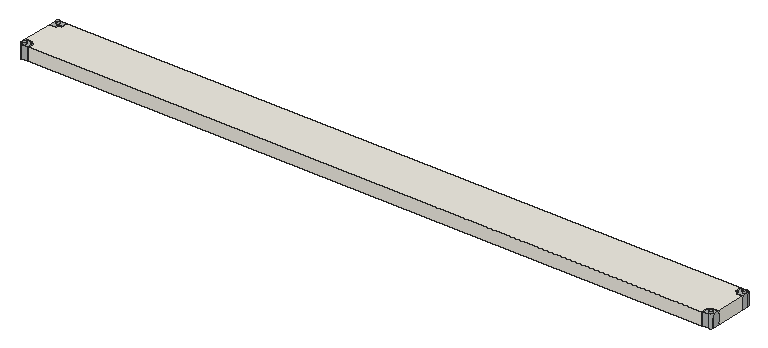
Revit family "HIGHTECH", category Осветительные приборы, Revit 2019 (continued)
Types (32, lengths in mm): name | Файл фотометрической сетки | built-in parameter 1150105 | Lumens | built-in parameter 1150106 | built-in parameter 1150142 | Wattage | Emit from Rectangle Width | Emit from Rectangle Length | Длина | Ширина | ADSK_Ток | ADSK_Полная мощность | ADSK_Обозначение | ADSK_Номинальная мощность | ADSK_Наименование | ADSK_Масса | ADSK_Код изделия
     0.493 0.493 0.395 0.395 0.395 0.395 0.395 0.395 0.395 0.395 0.296 0.296 0.296 0.296 0.296 0.296 0.296 0.296 0.197 \r\n0.197 0.197 0.197 0.197 0.197 0.197 0.197 0.098 0.098 0.098 0.098 0.098 0.098 0.098 0.098 0.000 0.000 0.000 0.000 \r\n1417.637 1417.341 1414.085 1408.658 1400.568 1390.010 1377.085 1361.002 1342.947 1322.522 1300.026 1275.261 1248.621 1220.205 1189.817 1157.849 1124.598 1089.670 \r\n1053.460 1016.065 977.881 938.119 898.060 856.917 815.575 773.149 730.722 687.901 644.390 600.877 557.168 513.262 470.046 426.534 383.121 340.497 298.761 257.814 218.151 179.473 \r\n140.501 105.672 72.816 41.835 13.714 0.592 0.592 0.493 0.493 0.493 0.493 0.493 0.493 0.493 0.493 0.395 0.395 0.395 0.395 0.395 0.395 0.395 0.395 0.296 0.296 0.296 0.296 0.296 0.296 0.296 0.296 0.197 \r\n0.197 0.197 0.197 0.197 0.197 0.197 0.197 0.098 0.098 0.098 0.098 0.098 0.098 0.098 0.098 0.000 0.000 0.000 0.000 \r\n1417.637 1417.439 1414.183 1408.855 1400.765 1390.306 1377.381 1361.397 1343.341 1323.015 1300.520 1275.656 1249.114 1220.699 1190.408 1158.440 1125.190 1090.262 \r\n1054.151 1016.755 978.473 938.809 898.750 857.607 816.266 773.839 731.413 688.592 645.080 601.469 557.859 513.854 470.638 427.126 383.615 340.990 299.254 258.209 218.546 179.770 \r\n140.896 105.967 73.013 42.031 13.912 0.592 0.592 0.493 0.493 0.493 0.493 0.493 0.493 0.493 0.493 0.395 0.395 0.395 0.395 0.395 0.395 0.395 0.395 0.296 0.296 0.296 0.296 0.296 0.296 0.296 0.296 0.197 \r\n0.197 0.197 0.197 0.197 0.197 0.197 0.197 0.098 0.098 0.098 0.098 0.098 0.098 0.098 0.098 0.000 0.000 0.000 0.000 \r\n1417.637 1417.439 1414.282 1408.954 1400.963 1390.603 1377.677 1361.792 1343.735 1323.410 1301.014 1276.149 1249.608 1221.291 1191.000 1159.032 1125.782 1090.953 \r\n1054.841 1017.446 979.164 939.500 899.442 858.298 816.957 774.530 732.103 689.184 645.672 602.160 558.451 514.446 471.230 427.619 384.108 341.484 299.649 258.604 218.940 180.165 \r\n141.191 106.264 73.309 42.229 14.208 0.592 0.592 0.493 0.493 0.493 0.493 0.493 0.493 0.493 0.493 0.395 0.395 0.395 0.395 0.395 0.395 0.395 0.395 0.296 0.296 0.296 0.296 0.296 0.296 0.296 0.296 0.197 \r\n0.197 0.197 0.197 0.197 0.197 0.197 0.197 0.098 0.098 0.098 0.098 0.098 0.098 0.098 0.098 0.000 0.000 0.000 0.000 \r\n1417.637 1417.538 1414.380 1409.152 1401.258 1390.898 1378.072 1362.087 1344.130 1323.805 1301.408 1276.643 1250.200 1221.784 1191.593 1159.625 1126.374 1091.545 \r\n1055.433 1018.137 979.855 940.290 900.133 858.988 817.647 775.221 732.794 689.875 646.362 602.851 559.043 515.137 471.822 428.212 384.700 341.977 300.142 259.097 219.335 180.559 \r\n141.487 106.560 73.506 42.525 14.405 0.592 0.592 0.493 0.493 0.493 0.493 0.493 0.493 0.493 0.493 0.395 0.395 0.395 0.395 0.395 0.395 0.395 0.395 0.296 0.296 0.296 0.296 0.296 0.296 0.296 0.296 0.197 \r\n0.197 0.197 0.197 0.197 0.197 0.197 0.197 0.098 0.098 0.098 0.098 0.098 0.098 0.098 0.098 0.000 0.000 0.000 0.000 \r\n1417.637 1417.538 1414.480 1409.250 1401.456 1391.096 1378.367 1362.482 1344.525 1324.200 1301.902 1277.136 1250.693 1222.376 1192.184 1160.315 1127.064 1092.235 \r\n1056.124 1018.828 980.545 940.980 900.823 859.679 818.338 776.010 733.485 690.565 647.054 603.443 559.734 515.728 472.414 428.705 385.193 342.470 300.537 259.492 219.730 180.856 \r\n141.882 106.855 73.802 42.723 14.602 0.592 0.592 0.493 0.493 0.493 0.493 0.493 0.493 0.493 0.493 0.395 0.395 0.395 0.395 0.395 0.395 0.395 0.395 0.296 0.296 0.296 0.296 0.296 0.296 0.296 0.296 0.197 \r\n0.197 0.197 0.197 0.197 0.197 0.197 0.197 0.098 0.098 0.098 0.098 0.098 0.098 0.098 0.098 0.000 0.000 0.000 0.000 \r\n1417.637 1417.637 1414.578 1409.447 1401.653 1391.391 1378.663 1362.877 1344.920 1324.693 1302.395 1277.630 1251.187 1222.968 1192.678 1160.908 1127.657 1092.827 \r\n1056.814 1019.419 981.236 941.671 901.514 860.369 819.028 776.701 734.175 691.256 647.645 604.133 560.326 516.320 473.006 429.297 385.785 342.963 301.030 259.887 220.125 181.249 \r\n142.178 107.152 74.099 42.920 14.800 0.592 0.592 0.493 0.493 0.493 0.493 0.493 0.493 0.493 0.493 0.395 0.395 0.395 0.395 0.395 0.395 0.395 0.395 0.296 0.296 0.296 0.296 0.296 0.296 0.296 0.296 0.197 \r\n0.197 0.197 0.197 0.197 0.197 0.197 0.197 0.098 0.098 0.098 0.098 0.098 0.098 0.098 0.098 0.000 0.000 0.000 0.000 \r\n1417.637 1417.637 1414.677 1409.645 1401.851 1391.688 1378.960 1363.173 1345.314 1325.088 1302.790 1278.123 1251.680 1223.461 1193.269 1161.499 1128.249 1093.518 \r\n1057.406 1020.110 981.926 942.361 902.204 861.159 819.719 777.391 734.867 691.946 648.335 604.726 561.017 516.913 473.598 429.888 386.279 343.458 301.524 260.380 220.519 181.644 \r\n142.474 107.448 74.296 43.216 15.096 0.592 0.592 0.493 0.493 0.493 0.493 0.493 0.493 0.493 0.493 0.395 0.395 0.395 0.395 0.395 0.395 0.395 0.395 0.296 0.296 0.296 0.296 0.296 0.296 0.296 0.296 0.197 \r\n0.197 0.197 0.197 0.197 0.197 0.197 0.197 0.098 0.098 0.098 0.098 0.098 0.098 0.098 0.098 0.000 0.000 0.000 0.000 \r\n1417.637 1417.736 1414.775 1409.743 1402.146 1391.984 1379.355 1363.568 1345.709 1325.482 1303.283 1278.616 1252.272 1224.054 1193.862 1162.091 1128.940 1094.110 \r\n1058.097 1020.801 982.617 943.052 902.994 861.850 820.410 778.082 735.458 692.637 649.027 605.416 561.608 517.504 474.190 430.383 386.772 343.951 301.918 260.775 220.913 181.941 \r\n142.770 107.743 74.592 43.413 15.293 0.592 0.592 0.493 0.493 0.493 0.493 0.493 0.493 0.493 0.493 0.395 0.395 0.395 0.395 0.395 0.395 0.395 0.395 0.296 0.296 0.296 0.296 0.296 0.296 0.296 0.296 0.197 \r\n0.197 0.197 0.197 0.197 0.197 0.197 0.197 0.098 0.098 0.098 0.098 0.098 0.098 0.098 0.098 0.000 0.000 0.000 0.000 \r\n1417.637 1417.736 1414.874 1409.940 1402.344 1392.181 1379.650 1363.962 1346.104 1325.877 1303.776 1279.109 1252.766 1224.547 1194.454 1162.782 1129.531 1094.702 \r\n1058.788 1021.492 983.308 943.742 903.684 862.540 821.100 778.773 736.148 693.327 649.618 606.107 562.298 518.096 474.782 430.974 387.364 344.444 302.412 261.170 221.308 182.335 \r\n143.165 108.040 74.789 43.611 15.490 0.592 0.592 0.493 0.493 0.493 0.493 0.493 0.493 0.493 0.493 0.395 0.395 0.395 0.395 0.395 0.395 0.395 0.395 0.296 0.296 0.296 0.296 0.296 0.296 0.296 0.296 0.197 \r\n0.197 0.197 0.197 0.197 0.197 0.197 0.197 0.098 0.098 0.098 0.098 0.098 0.098 0.098 0.098 0.000 0.000 0.000 0.000 \r\n1417.637 1417.834 1414.973 1410.138 1402.541 1392.477 1379.946 1364.258 1346.499 1326.272 1304.171 1279.603 1253.259 1225.139 1195.045 1163.374 1130.123 1095.393 \r\n1059.478 1022.183 983.999 944.433 904.375 863.231 821.792 779.464 736.840 693.920 650.309 606.699 562.891 518.787 475.374 431.566 387.857 344.937 302.906 261.663 221.703 182.730 \r\n143.461 108.237 75.085 43.906 15.688 0.592 0.592 0.493 0.493 0.493 0.493 0.493 0.493 0.493 0.493 0.395 0.395 0.395 0.395 0.395 0.395 0.395 0.395 0.296 0.296 0.296 0.296 0.296 0.296 0.296 0.296 0.197 \r\n0.197 0.197 0.197 0.197 0.197 0.197 0.197 0.098 0.098 0.098 0.098 0.098 0.098 0.098 0.098 0.000 0.000 0.000 0.000 \r\n1417.637 1417.834 1415.071 1410.237 1402.837 1392.772 1380.243 1364.653 1346.892 1326.765 1304.664 1280.096 1253.752 1225.730 1195.638 1163.965 1130.814 1095.984 \r\n1060.071 1022.873 984.689 945.124 905.066 863.922 822.482 780.154 737.531 694.610 651.000 607.390 563.581 519.379 475.966 432.059 388.350 345.431 303.300 262.058 222.098 183.026 \r\n143.757 108.533 75.282 44.104 15.983 0.592 0.592 0.493 0.493 0.493 0.493 0.493 0.493 0.493 0.493 0.395 0.395 0.395 0.395 0.395 0.395 0.395 0.395 0.296 0.296 0.296 0.296 0.296 0.296 0.296 0.296 0.197 \r\n0.197 0.197 0.197 0.197 0.197 0.197 0.197 0.098 0.098 0.098 0.098 0.098 0.098 0.098 0.098 0.000 0.000 0.000 0.000 \r\n1417.637 1417.932 1415.170 1410.434 1403.034 1393.069 1380.636 1365.048 1347.287 1327.160 1305.157 1280.589 1254.344 1226.225 1196.230 1164.558 1131.406 1096.675 \r\n1060.761 1023.564 985.380 945.815 905.756 864.613 823.173 780.845 738.221 695.301 651.592 608.080 564.174 519.971 476.558 432.652 388.943 345.924 303.794 262.453 222.492 183.420 \r\n144.151 108.829 75.579 44.301 16.181 0.592 0.592 0.493 0.493 0.493 0.493 0.493 0.493 0.493 0.493 0.395 0.395 0.395 0.395 0.395 0.395 0.395 0.395 0.296 0.296 0.296 0.296 0.296 0.296 0.296 0.296 0.197 \r\n0.197 0.197 0.197 0.197 0.197 0.197 0.197 0.098 0.098 0.098 0.098 0.098 0.098 0.098 0.098 0.000 0.000 0.000 0.000 \r\n1417.637 1417.932 1415.268 1410.533 1403.232 1393.365 1380.933 1365.443 1347.682 1327.555 1305.552 1281.082 1254.837 1226.816 1196.821 1165.150 1131.998 1097.267 \r\n1061.452 1024.254 986.070 946.506 906.447 865.401 823.863 781.535 738.912 695.991 652.282 608.672 564.864 520.563 477.150 433.145 389.436 346.417 304.287 262.946 222.887 183.815 \r\n144.448 109.125 75.874 44.597 16.378 0.592 0.592 0.493 0.493 0.493 0.493 0.493 0.493 0.493 0.493 0.395 0.395 0.395 0.395 0.395 0.395 0.395 0.395 0.296 0.296 0.296 0.296 0.296 0.296 0.296 0.296 0.197 \r\n0.197 0.197 0.197 0.197 0.197 0.197 0.197 0.098 0.098 0.098 0.098 0.098 0.098 0.098 0.098 0.000 0.000 0.000 0.000 \r\n1417.637 1418.031 1415.368 1410.730 1403.527 1393.562 1381.229 1365.738 1348.077 1327.949 1306.045 1281.575 1255.331 1227.310 1197.414 1165.841 1132.689 1097.958 \r\n1062.043 1024.846 986.761 947.196 907.137 866.092 824.554 782.226 739.602 696.683 652.973 609.363 565.456 521.155 477.742 433.737 390.028 346.910 304.681 263.341 223.282 184.111 \r\n144.743 109.421 76.072 44.794 16.576 0.592 0.592 0.493 0.493 0.493 0.493 0.493 0.493 0.493 0.493 0.395 0.395 0.395 0.395 0.395 0.395 0.395 0.395 0.296 0.296 0.296 0.296 0.296 0.296 0.296 0.296 0.197 \r\n0.197 0.197 0.197 0.197 0.197 0.197 0.197 0.098 0.098 0.098 0.098 0.098 0.098 0.098 0.098 0.000 0.000 0.000 0.000 \r\n1417.637 1418.031 1415.466 1410.928 1403.725 1393.858 1381.524 1366.133 1348.472 1328.443 1306.440 1282.070 1255.824 1227.901 1198.006 1166.433 1133.280 1098.550 \r\n1062.735 1025.537 987.451 947.887 907.829 866.784 825.244 782.916 740.293 697.373 653.565 610.053 566.147 521.747 478.334 434.328 390.521 347.404 305.175 263.735 223.677 184.506 \r\n145.039 109.717 76.368 44.992 16.871 0.592 0.592 0.493 0.493 0.493 0.493 0.493 0.493 0.493 0.493 0.395 0.395 0.395 0.395 0.395 0.395 0.395 0.395 0.296 0.296 0.296 0.296 0.296 0.296 0.296 0.296 0.197 \r\n0.197 0.197 0.197 0.197 0.197 0.197 0.197 0.098 0.098 0.098 0.098 0.098 0.098 0.098 0.098 0.000 0.000 0.000 0.000 \r\n1417.637 1418.130 1415.565 1411.026 1403.922 1394.154 1381.919 1366.527 1348.866 1328.837 1306.933 1282.563 1256.416 1228.494 1198.597 1167.024 1133.873 1099.241 \r\n1063.425 1026.228 988.143 948.676 908.519 867.474 825.935 783.608 740.983 698.064 654.256 610.646 566.739 522.438 478.926 434.822 391.014 347.897 305.569 264.229 224.072 184.901 \r\n145.434 110.013 76.565 45.288 17.069 0.592 0.592 0.493 0.493 0.493 0.493 0.493 0.493 0.493 0.493 0.395 0.395 0.395 0.395 0.395 0.395 0.395 0.395 0.296 0.296 0.296 0.296 0.296 0.296 0.296 0.296 0.197 \r\n0.197 0.197 0.197 0.197 0.197 0.197 0.197 0.098 0.098 0.098 0.098 0.098 0.098 0.098 0.098 0.000 0.000 0.000 0.000 \r\n1417.637 1418.130 1415.762 1411.223 1404.218 1394.450 1382.216 1366.824 1349.261 1329.231 1307.427 1283.056 1256.910 1228.987 1199.190 1167.616 1134.563 1099.833 \r\n1064.016 1026.918 988.833 949.367 909.308 868.165 826.625 784.298 741.674 698.656 654.946 611.336 567.430 523.030 479.518 435.414 391.606 348.391 306.063 264.623 224.465 185.196 \r\n145.730 110.309 76.861 45.485 17.266 0.592 0.592 0.493 0.493 0.493 0.493 0.493 0.493 0.493 0.493 0.395 0.395 0.395 0.395 0.395 0.395 0.395 0.395 0.296 0.296 0.296 0.296 0.296 0.296 0.296 0.296 0.197 \r\n0.197 0.197 0.197 0.197 0.197 0.197 0.197 0.098 0.098 0.098 0.098 0.098 0.098 0.098 0.098 0.000 0.000 0.000 0.000 \r\n1417.637 1418.229 1415.861 1411.421 1404.415 1394.746 1382.512 1367.219 1349.656 1329.626 1307.821 1283.549 1257.403 1229.579 1199.782 1168.209 1135.155 1100.523 \r\n1064.708 1027.609 989.425 950.057 909.998 868.855 827.317 784.989 742.365 699.347 655.538 611.928 568.021 523.622 480.110 436.006 392.100 348.884 306.556 265.017 224.860 185.591 \r\n146.026 110.605 77.157 45.781 17.464 0.592 0.592 0.493 0.493 0.493 0.493 0.493 0.493 0.493 0.493 0.395 0.395 0.395 0.395 0.395 0.395 0.395 0.395 0.296 0.296 0.296 0.296 0.296 0.296 0.296 0.296 0.197 \r\n0.197 0.197 0.197 0.197 0.197 0.197 0.197 0.098 0.098 0.098 0.098 0.098 0.098 0.098 0.098 0.000 0.000 0.000 0.000 \r\n1417.637 1418.229 1415.960 1411.519 1404.613 1394.943 1382.807 1367.612 1350.051 1330.119 1308.315 1284.043 1257.896 1230.072 1200.275 1168.899 1135.748 1101.116 \r\n1065.398 1028.300 990.115 950.748 910.689 869.644 828.007 785.679 743.056 700.037 656.229 612.619 568.713 524.214 480.702 436.499 392.593 349.377 306.951 265.511 225.255 185.986 \r\n146.421 110.901 77.355 45.978 17.759 0.592 0.592 0.493 0.493 0.493 0.493 0.493 0.493 0.493 0.493 0.395 0.395 0.395 0.395 0.395 0.395 0.395 0.395 0.296 0.296 0.296 0.296 0.296 0.296 0.296 0.296 0.197 \r\n0.197 0.197 0.197 0.197 0.197 0.197 0.197 0.098 0.098 0.098 0.098 0.098 0.098 0.098 0.098 0.000 0.000 0.000 0.000 \r\n1417.637 1418.327 1416.058 1411.716 1404.810 1395.240 1383.202 1367.909 1350.445 1330.514 1308.808 1284.536 1258.488 1230.664 1200.867 1169.491 1136.339 1101.806 \r\n1066.089 1028.991 990.807 951.438 911.381 870.335 828.698 786.370 743.746 700.728 656.920 613.310 569.304 524.806 481.294 437.091 393.185 349.871 307.444 265.905 225.650 186.381 \r\n146.717 111.197 77.650 46.176 17.957 0.592 0.592 0.493 0.493 0.493 0.493 0.493 0.493 0.493 0.493 0.395 0.395 0.395 0.395 0.395 0.395 0.395 0.395 0.296 0.296 0.296 0.296 0.296 0.296 0.296 0.296 0.197 \r\n0.197 0.197 0.197 0.197 0.197 0.197 0.197 0.098 0.098 0.098 0.098 0.098 0.098 0.098 0.098 0.000 0.000 0.000 0.000 \r\n1417.637 1418.327 1416.156 1411.816 1405.106 1395.535 1383.498 1368.304 1350.839 1330.909 1309.203 1285.029 1258.981 1231.256 1201.459 1170.083 1137.030 1102.398 \r\n1066.680 1029.681 991.497 952.129 912.071 871.026 829.388 787.061 744.437 701.418 657.512 613.901 569.995 525.398 481.886 437.585 393.678 350.364 307.938 266.300 226.044 186.676 \r\n147.012 111.493 77.848 46.472 18.154 0.592 0.592 0.493 0.493 0.493 0.493 0.493 0.493 0.493 0.493 0.395 0.395 0.395 0.395 0.395 0.395 0.395 0.395 0.296 0.296 0.296 0.296 0.296 0.296 0.296 0.296 0.197 \r\n0.197 0.197 0.197 0.197 0.197 0.197 0.197 0.098 0.098 0.098 0.098 0.098 0.098 0.098 0.098 0.000 0.000 0.000 0.000 \r\n1417.637 1418.426 1416.255 1412.013 1405.303 1395.831 1383.794 1368.698 1351.234 1331.304 1309.696 1285.522 1259.474 1231.750 1202.051 1170.675 1137.622 1103.089 \r\n1067.372 1030.273 992.188 952.820 912.762 871.716 830.079 787.751 745.127 702.109 658.202 614.593 570.587 526.088 482.478 438.177 394.171 350.857 308.332 266.793 226.439 187.071 \r\n147.309 111.690 78.144 46.670 18.451 0.592 0.592 0.493 0.493 0.493 0.493 0.493 0.493 0.493 0.493 0.395 0.395 0.395 0.395 0.395 0.395 0.395 0.395 0.296 0.296 0.296 0.296 0.296 0.296 0.296 0.296 0.197 \r\n0.197 0.197 0.197 0.197 0.197 0.197 0.197 0.098 0.098 0.098 0.098 0.098 0.098 0.098 0.098 0.000 0.000 0.000 0.000 \r\n1417.637 1418.426 1416.354 1412.211 1405.501 1396.029 1384.090 1369.093 1351.629 1331.797 1310.189 1286.016 1259.968 1232.341 1202.643 1171.366 1138.214 1103.680 \r\n1068.062 1030.964 992.878 953.511 913.452 872.407 830.770 788.442 745.818 702.799 658.893 615.283 571.179 526.680 483.070 438.769 394.763 351.350 308.826 267.188 226.834 187.466 \r\n147.703 111.987 78.440 46.866 18.648 0.592 0.592 0.493 0.493 0.493 0.493 0.493 0.493 0.493 0.493 0.395 0.395 0.395 0.395 0.395 0.395 0.395 0.395 0.296 0.296 0.296 0.296 0.296 0.296 0.296 0.296 0.197 \r\n0.197 0.197 0.197 0.197 0.197 0.197 0.197 0.098 0.098 0.098 0.098 0.098 0.098 0.098 0.098 0.000 0.000 0.000 0.000 \r\n1417.637 1418.525 1416.453 1412.309 1405.796 1396.325 1384.485 1369.388 1352.024 1332.192 1310.584 1286.509 1260.560 1232.835 1203.235 1171.958 1138.905 1104.371 \r\n1068.654 1031.655 993.569 954.202 914.143 873.098 831.460 789.133 746.410 703.392 659.485 615.874 571.870 527.273 483.662 439.262 395.257 351.844 309.319 267.583 227.229 187.762 \r\n148.000 112.282 78.637 47.163 18.845 0.592 0.592 0.493 0.493 0.493 0.493 0.493 0.493 0.493 0.493 0.395 0.395 0.395 0.395 0.395 0.395 0.395 0.395 0.296 0.296 0.296 0.296 0.296 0.296 0.296 0.296 0.197 \r\n0.197 0.197 0.197 0
